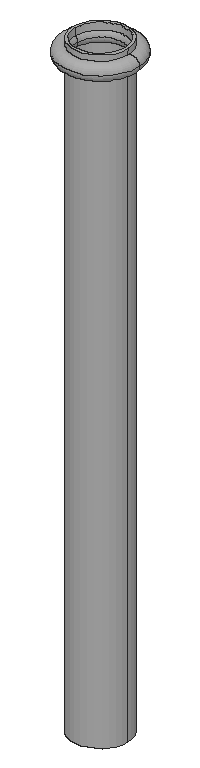
Revit family "PRD_FrankeWS_UrnlFlshPps_FlushingPipe_ZAQUA057_ZAQUA058_ZAQUA059_ZAQUA060", category Specialty Equipment, Revit 2018
Family settings
  Round Connector Dimension = Use Diameter
  Part Type = Normal
  OmniClass Number = 23.45.05.14.99
  OmniClass Title = Other Sanitary Washing Plumbing Fixtures
  Work Plane-Based = No
  Always vertical = Yes
  Cut with Voids When Loaded = No
  Shared = No
  Room Calculation Point = No
Parameters (values of type "ZAQUA057")
  ZAQUA060 = no
  ZAQUA059 = no
  ZAQUA058 = no
  ZAQUA057 = yes
  WithCrank = "No"
  WarrantyStartDate [instance] = "1900-12-31T23:59:59"
  WarrantyGuarantorParts = "n/a"
  WarrantyGuarantorLabor = "n/a"
  WarrantyDurationUnit = "year"
  WarrantyDurationParts = "n/a"
  WarrantyDurationLabor = "n/a"
  WarrantyDescription = "n/a"
  Version = "1"
  Uniclass2015Version = "Products v1.17"
  Uniclass2015Title = "Urinal flush pipes"
  Uniclass2015Code = "Pr_40_20_93_80"
  URL = "www.kwc.com"
  TypeOfShowerPipe = "n/a"
  TypeOfFlushingPipe = "Urinal pipe"
  TemperatureRange = 0 °C
  TagNumber [instance] = "n/a"
  SustainabilityPerformance = "n/a"
  Status = "New"
  Size = "n/a"
  Shape = "n/a"
  SerialNumber [instance] = "n/a"
  Revision = "n/a"
  ReplacementCost = "n/a"
  Reference = "n/a"
  ProductInformation = "https://pim.kwc.com/product/2000101459/attachment/datasheet?locale=en"
  ProductCode = "n/a"
  PressureRange = 0.0 Pa
  PressureClass = 0.0 Pa
  NominalWidth = 0 mm
  NominalHeight = 200 mm
  NominalDepth = 0 mm
  NetWeight = 0.08 kg
  Name = "Flushing pipe ZAQUA057"
  NBSTypeID = "n/a"
  NBSReference = "45-35-70/356"
  NBSOfficeMasterTag = "n/a"
  NBSNote = "n/a"
  NBSDescription = "Urinal flush pipes"
  NBSCertification = "n/a"
  ModelReference = "ZAQUA057"
  ModelNumber = "2000101459"
  Model = ModelReference  # "ZAQUA057"
  Material = "Brass"
  ManufacturerURL = "www.kwc.com"
  ManufacturerName = "KWC Group AG"  # constant formula
  Manufacturer = ManufacturerName  # "KWC Group AG"
  IntegralAccessories = "n/a"
  InstallationDate [instance] = "1900-12-31T23:59:59"
  IfcExportType = "USERDEFINED"
  IfcExportAs = "IfcPipeFittingType"
  GrossWeight = 0.08 kg
  Grade = "n/a"
  FittingLossFactor = 0
  Finish = "Polished chrome"
  Features = "Straight, length 200 mm"
  ExpectedLife = "n/a"
  DurationUnit = "year"
  Description = "Flushing pipe for PROTRONIC urinal flush valve for surface installation, length 200 mm, polished chromium-plated brass."
  CreatedOn = "08/2021"  # constant formula
  Crank = "n/a"
  Constituents = "n/a"
  Color = "Chrome"
  CodePerformance = "n/a"
  Category = "Pr_40_20_93_80, Urinal flush pipes"
  BodyMaterial = PRD_AR_ChromatedBrass_HighPolished
  BarCode [instance] = "n/a"
  BIMObjectName = "PRD_AR_UrinalFlushPipes_FlushingPipe_ZAQUA057"
  Author = "Archispace"  # constant formula
  AssetType = "Fixed"
  AssetIdentifier [instance] = "n/a"
  AccessibilityPerformance = "n/a"
Types (4, lengths in mm): name | ZAQUA060 | ZAQUA059 | ZAQUA058 | ZAQUA057 | WithCrank | ProductInformation | ProductCode | NetWeight | Name | ModelReference | ModelNumber | Model | GrossWeight | Features | Crank | BIMObjectName
  ZAQUA057 | no | no | no | yes | "No" | "https://pim.kwc.com/product/2000101459/attachment/datasheet?locale=en" | "n/a" | 0.08 kg | "Flushing pipe ZAQUA057" | "ZAQUA057" | "2000101459" | "ZAQUA057" | 0.08 kg | "Straight, length 200 mm" | "n/a" | "PRD_AR_UrinalFlushPipes_FlushingPipe_ZAQUA057"
  ZAQUA058 | no | no | yes | no | "Yes" | "https://pim.kwc.com/product/2000101460/attachment/datasheet?locale=en" | "209.0000.031" | 0.09 kg | "Flushing pipe ZAQUA058" | "ZAQUA058" | "2000101460" | "ZAQUA058" | 0.16 kg | "With crank 20 mm, length 200 mm" | "20.00 mm" | "PRD_AR_UrinalFlushPipes_FlushingPipe_ZAQUA058"
  ZAQUA059 | no | yes | no | no | "Yes" | "https://pim.kwc.com/product/2000101461/attachment/datasheet?locale=en" | "209.0638.156" | 0.09 kg | "Flushing pipe ZAQUA059" | "ZAQUA059" | "2000101461" | "ZAQUA059" | 0.16 kg | "With crank 30 mm, length 200 mm" | "30.00 mm" | "PRD_AR_UrinalFlushPipes_FlushingPipe_ZAQUA059"
  ZAQUA060 | yes | no | no | no | "Yes" | "https://pim.kwc.com/product/2000101462/attachment/datasheet?locale=en" | "209.0000.042" | 0.08 kg | "Flushing pipe ZAQUA060" | "ZAQUA060" | "2000101462" | "ZAQUA060" | 0.08 kg | "With crank 40 mm, length 200 mm" | "40.00 mm" | "PRD_AR_UrinalFlushPipes_FlushingPipe_ZAQUA060"
Reference planes
  plane 1 "Center (Front/Back)": y = 0
  plane 2: z = 0
  plane 3 "Center (Left/Right)": x = 0
  plane 4: x = -20
  plane 5: x = -30
  plane 6: x = -40
Forms (mm)
  Sweep 1, solid, material "PRD_AR_ChromatedBrass_HighPolished" <- "BodyMaterial", visible <- "ZAQUA058", detail levels fine
    path origin (0, 0, 0) x (1, 0, 0) y (0, 0, 1)
      loop
        line (0, 0) -> (0, 89.1)
        arc (0, 89.1) -> (-1.67, 101.782) -> (-6.565, 113.6) r 49
        line (-6.565, 113.6) -> (-13.435, 125.5)
        arc (-13.435, 125.5) -> (-18.33, 137.318) -> (-20, 150) r 49
        line (-20, 150) -> (-20, 200)
    profile origin (0, 0, 44.55) x (-1, 0, 0) y (0, -1, 0)
      loop
        circle (0, 0) r 9
      loop
        circle (0, 0) r 8.2
  Revolve 2, solid, material "PRD_AR_ChromatedBrass_HighPolished" <- "BodyMaterial", visible <- "ZAQUA058", detail levels fine
    sketch origin (0, 0, 0) x (1, 0, 0) y (0, 0, 1)
      loop
        circle (-30, 196) r 2.5
      axis (-20, 196) -> (-20, 195)
    angle from 0 to 360
  Revolve 3, solid, material "PRD_AR_ChromatedBrass_HighPolished" <- "BodyMaterial", visible <- "ZAQUA057", detail levels fine
    sketch origin (20, 0, 0) x (1, 0, 0) y (0, 0, 1)
      loop
        circle (-30, 196) r 2.5
      axis (-20, 196) -> (-20, 195)
    angle from 0 to 360
  Revolve 4, solid, material "PRD_AR_ChromatedBrass_HighPolished" <- "BodyMaterial", visible <- "ZAQUA059", detail levels fine
    sketch origin (-10, 0, 0) x (1, 0, 0) y (0, 0, 1)
      loop
        circle (-30, 196) r 2.5
      axis (-20, 196) -> (-20, 195)
    angle from 0 to 360
  Revolve 5, solid, material "PRD_AR_ChromatedBrass_HighPolished" <- "BodyMaterial", visible <- "ZAQUA060", detail levels fine
    sketch origin (-20, 0, 0) x (1, 0, 0) y (0, 0, 1)
      loop
        circle (-30, 196) r 2.5
      axis (-20, 196) -> (-20, 195)
    angle from 0 to 360
  Sweep 6, solid, material "PRD_AR_ChromatedBrass_HighPolished" <- "BodyMaterial", visible <- "ZAQUA057", detail levels fine
    path origin (0, 0, 0) x (1, 0, 0) y (0, 0, 1)
      loop
        line (0, 0) -> (0, 200)
    profile origin (0, 0, 100) x (-1, 0, 0) y (0, -1, 0)
      loop
        circle (0, 0) r 9
      loop
        circle (0, 0) r 8.2
  Sweep 7, solid, material "PRD_AR_ChromatedBrass_HighPolished" <- "BodyMaterial", visible <- "ZAQUA059", detail levels fine
    path origin (0, 0, 0) x (1, 0, 0) y (0, 0, 1)
      loop
        line (0, 0) -> (0, 71.779)
        arc (0, 71.779) -> (-1.67, 84.462) -> (-6.565, 96.279) r 49
        line (-6.565, 96.279) -> (-23.435, 125.5)
        arc (-23.435, 125.5) -> (-28.33, 137.318) -> (-30, 150) r 49
        line (-30, 150) -> (-30, 200)
    profile origin (0, 0, 35.89) x (-1, 0, 0) y (0, -1, 0)
      loop
        circle (0, 0) r 9
      loop
        circle (0, 0) r 8.2
  Sweep 8, solid, material "PRD_AR_ChromatedBrass_HighPolished" <- "BodyMaterial", visible <- "ZAQUA060", detail levels fine
    path origin (-10, 0, 0) x (1, 0, 0) y (0, 0, 1)
      loop
        line (10, 0) -> (10, 54.459)
        arc (10, 54.459) -> (8.33, 67.141) -> (3.435, 78.959) r 49
        line (3.435, 78.959) -> (-23.435, 125.5)
        arc (-23.435, 125.5) -> (-28.33, 137.318) -> (-30, 150) r 49
        line (-30, 150) -> (-30, 200)
    profile origin (0, 0, 27.229) x (-1, 0, 0) y (0, -1, 0)
      loop
        circle (0, 0) r 9
      loop
        circle (0, 0) r 8.2
  Sweep 9, solid, material "PRD_AR_ChromatedBrass_HighPolished" <- "BodyMaterial", visible <- "ZAQUA057", detail levels coarse+medium
    path origin (0, 0, 0) x (1, 0, 0) y (0, 0, 1)
      loop
        line (0, 0) -> (0, 200)
    profile origin (0, 0, 100) x (-1, 0, 0) y (0, -1, 0)
      loop
        circle (0, 0) r 9
  Sweep 10, solid, material "PRD_AR_ChromatedBrass_HighPolished" <- "BodyMaterial", visible <- "ZAQUA058", detail levels coarse+medium
    path origin (0, 0, 0) x (1, 0, 0) y (0, 0, 1)
      loop
        line (0, 0) -> (0, 89.1)
        arc (0, 89.1) -> (-1.67, 101.782) -> (-6.565, 113.6) r 49
        line (-6.565, 113.6) -> (-13.435, 125.5)
        arc (-13.435, 125.5) -> (-18.33, 137.318) -> (-20, 150) r 49
        line (-20, 150) -> (-20, 200)
    profile origin (0, 0, 44.55) x (-1, 0, 0) y (0, -1, 0)
      loop
        circle (0, 0) r 9
  Sweep 11, solid, material "PRD_AR_ChromatedBrass_HighPolished" <- "BodyMaterial", visible <- "ZAQUA059", detail levels coarse+medium
    path origin (0, 0, 0) x (1, 0, 0) y (0, 0, 1)
      loop
        line (0, 0) -> (0, 71.779)
        arc (0, 71.779) -> (-1.67, 84.462) -> (-6.565, 96.279) r 49
        line (-6.565, 96.279) -> (-23.435, 125.5)
        arc (-23.435, 125.5) -> (-28.33, 137.318) -> (-30, 150) r 49
        line (-30, 150) -> (-30, 200)
    profile origin (0, 0, 35.89) x (-1, 0, 0) y (0, -1, 0)
      loop
        circle (0, 0) r 9
  Sweep 12, solid, material "PRD_AR_ChromatedBrass_HighPolished" <- "BodyMaterial", visible <- "ZAQUA060", detail levels coarse+medium
    path origin (-10, 0, 0) x (1, 0, 0) y (0, 0, 1)
      loop
        line (10, 0) -> (10, 54.459)
        arc (10, 54.459) -> (8.33, 67.141) -> (3.435, 78.959) r 49
        line (3.435, 78.959) -> (-23.435, 125.5)
        arc (-23.435, 125.5) -> (-28.33, 137.318) -> (-30, 150) r 49
        line (-30, 150) -> (-30, 200)
    profile origin (0, 0, 27.229) x (-1, 0, 0) y (0, -1, 0)
      loop
        circle (0, 0) r 9
Cuts and joins
  joined: Sweep 1, Revolve 2
  joined: Revolve 5, Sweep 8
  joined: Revolve 4, Sweep 7
  joined: Revolve 3, Sweep 6
Dimensions and locks
  locked: plane 4 to Revolve 2 sketch curve at 10
  locked: plane 4 to Sweep 1 sketch curve at 29
  locked: Sweep 1 sketch curve to plane 3 "Center (Left/Right)" at 29
  aligned and locked: level to plane 2
